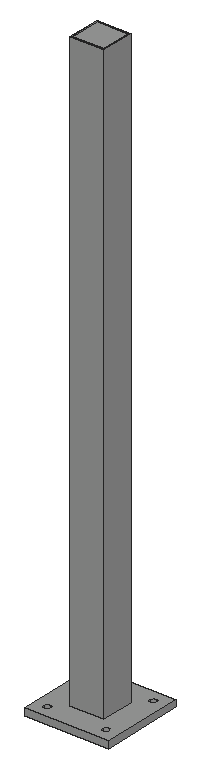
Revit family "Palmshield-Aria-Louver-Post", category Specialty Equipment, Revit 2025
Family settings
  Round Connector Dimension = Use Diameter
  Part Type = Normal
  OmniClass Number = 23.55.00.00
  OmniClass Title = Manufactured Structures
  Work Plane-Based = Yes
  Enable Cutting in Views = No
  Always vertical = No
  Cut with Voids When Loaded = No
  Maintain Annotation Orientation = No
  Shared = No
  Room Calculation Point = No
Parameters (values of type "Assembly")
  Warranty URL = "https://palmshieldlouvers.com/wp-content/uploads/2020/01/PalmSHIELD-Warranty-NO-SIGN-LINE.pdf"
  Version = "2021 - v1.0a"  # constant formula
  URL = "https://palmshieldlouvers.com/"
  Product Page URL = "https://palmshieldlouvers.com/products/aria-louver/"
  Product Documentation Link = "https://palmshieldlouvers.com/wp-content/uploads/2022/05/PalmSHIELD-Aria-Series-Post-Panel-Gate-Installation-Instructions.pdf"
  Post Position [instance] = 1
  Model = "Aria - Aluminum"  # constant formula
  Material = Metal - PalmSHIELD - Dusty Grey
  Manufacturer Phone Number = "531-329-4406 "  # constant formula
  Manufacturer Email = "mailto: info@palmshieldlouvers.com"
  Manufacturer Address = "12330 Cary Circle, La Vista, NE 68128"  # constant formula
  Manufacturer = "PalmSHIELD"  # constant formula
  Keynote = "05 10 00"
  Instruction Sheet Link = "https://palmshieldlouvers.com/wp-content/uploads/2020/01/PalmSHIELD-Post-Panel-Gate-Installation-Instructions-REV-1.pdf"
  ID [instance] = "Not Assigned"
  Height [instance] = if(Desired Overall Height < C Min Height, C Min Height, if(Desired Overall Height > C Max Height, C Max Height, Desired Overall Height))  # 6' - 0"
  Desired Overall Height [instance] = 6' - 0"
  Description = "Aria - Aluminum - Square Post"  # constant formula
  Default Elevation = 0' - 0"
  Copyright = "Copyright ©2024 The American Fence Company and PalmSHIELD. All Rights Reserved."  # constant formula
  Component Vis [instance] = yes
  Component Name [instance] = "Aria - Square Post"  # constant formula
  C Post Width = 0' - 4"  # constant formula
  C Min Height [instance] = 3' - 4"  # constant formula
  C Max Height [instance] = 8' - 0"  # constant formula
  Assembly Code = "F1020100"
Reference planes (in)
  plane 1 "Center (Front/Back)": y = 0
  plane 2: z = 0
  plane 3 "Center (Left/Right)": x = 0
  plane 4: z = 72
  plane 5: y = 2
  plane 6: y = -2
  plane 7: x = 2
  plane 8: x = -2
Lines and regions (in)
  reference lines
    curve 1: line (-24.29961, 0, 72) -> (24.70039, 0, 72)
Dimensions and locks (in)
  "Desired Overall Height": curve 1 to plane 2
  "Height": plane 4 to plane 2
  equal spacing: plane 8, plane 3 "Center (Left/Right)", plane 7
  equal spacing: plane 5, plane 1 "Center (Front/Back)", plane 6
  "C Post Width": plane 5 to plane 6
  "C Post Width": plane 8 to plane 7
  aligned and locked: plane 2 to level
Automatic sketch dimensions
  curve 1 to plane 8 = 1' - 10.29961"
  curve 1 to plane 7 = 1' - 10.70039"
Nested families (in)
  nested 1: "Screening-Louver-Assembly-Post-Palmshield-Aria" at (0, 0, 0), Desired Overall Height <- "Desired Overall Height", Overall Height <- "Height", ID <- "ID", Component Vis <- "Component Vis", Post Position <- "Post Position", visible <- "Component Vis", type "Assembly"
    with Post Position 1, Overall Height 6' - 0", ID "Not Assigned", Desired Overall Height 6' - 0", Component Vis (Single) yes, Component Vis (Double) no, Component Vis yes, Component Name "Aria - Post Assembly", C Post Offset 0' - 0"
  nested 2: "Nested-Base_Plate-Palmshield-Aria" at (0, 0, 0), type "10" x 10" x 3/4""
    with Material Metal - PalmSHIELD - Dusty Grey, ID "Not Assigned", Component Vis yes, Component Name "Aria Economy - Base Plate"
  nested 3: "Nested-Square_Post-Aluminum-Palmshield-Aria" at (0, 0, 0.75), type "4" X 4" X 1/8" SQ. TUBE"
    with Material Metal - PalmSHIELD - Dusty Grey, Length 5' - 11 1/4", ID "Not Assigned", Component Vis yes, Component Name "Aria Economy - Square Post"
  nested 4: "Nested-Top_Cap-Palmshield-Aria" at (0, 0, 72) x (1, 0, 0) z (0, 0, -1), type "3 3/4" x 3 3/4" x 1/8""
    with Material Metal - PalmSHIELD - Dusty Grey, ID "Not Assigned", Component Vis yes, Component Name "Aria Economy - Square Top Cap"
Definition of nested family "Nested-Base_Plate-Palmshield-Aria"
  Parameters (values of type "10" x 14" x 3/4"")
    Width = if(Constraints = 1, 0' 10", 1' 2")  # 1' - 2"
    Warranty URL = "https://palmshieldlouvers.com/wp-content/uploads/2020/01/PalmSHIELD-Warranty-NO-SIGN-LINE.pdf"
    Version = "2021 - v1.0a"  # constant formula
    URL = "https://palmshieldlouvers.com/"
    Thickness = 0' - 0 3/4"  # constant formula
    Product Page URL = "https://palmshieldlouvers.com/products/aria-louver/"
    Product Documentation Link = "https://palmshieldlouvers.com/wp-content/uploads/2022/05/PalmSHIELD-Aria-Series-Post-Panel-Gate-Installation-Instructions.pdf"
    Model = "Aria Economy"  # constant formula
    Material [instance] = none
    Manufacturer Phone Number = "531-329-4406 "  # constant formula
    Manufacturer Fax Number = "Consult Manufacturer Website for More Information"  # constant formula
    Manufacturer Email = "mailto: info@palmshieldlouvers.com"
    Manufacturer Address = "12330 Cary Circle, La Vista, NE 68128"  # constant formula
    Manufacturer = "PalmSHIELD"  # constant formula
    Keynote = "05 10 00"
    Instruction Sheet Link = "https://palmshieldlouvers.com/wp-content/uploads/2022/05/PalmSHIELD-Aria-Series-Post-Panel-Gate-Installation-Instructions.pdf"
    ID [instance] = ""
    Hole Diameter = 0' - 0 3/4"  # constant formula
    Height = 0' - 10"  # constant formula
    Description = "Aria Economy- Base Plate"  # constant formula
    Default Elevation = 4' - 0"
    Copyright = "Copyright ©2024 The American Fence Company and PalmSHIELD. All Rights Reserved."  # constant formula
    Constraints = 2
    Component Vis [instance] = yes
    Component Name [instance] = "Aria Economy - Base Plate"  # constant formula
    C Hole Offset = 0' - 1 1/2"  # constant formula
    Assembly Code = "F1020100"
  Types (2): name | Width | Product Page URL | Product Documentation Link | Instruction Sheet Link | Constraints
    10" x 10" x 3/4" | 0' - 10" | "Contact Manufacturer for More Information" | "Contact Manufacturer for More Information" | "Contact Manufacturer for More Information" | 1
    10" x 14" x 3/4" | 1' - 2" | "https://palmshieldlouvers.com/products/aria-louver/" | "https://palmshieldlouvers.com/wp-content/uploads/2022/05/PalmSHIELD-Aria-Series-Post-Panel-Gate-Installation-Instructions.pdf" | "https://palmshieldlouvers.com/wp-content/uploads/2022/05/PalmSHIELD-Aria-Series-Post-Panel-Gate-Installation-Instructions.pdf" | 2
  Reference planes (in)
    plane 1 "Center (Front/Back)": y = 0
    plane 2: z = 0
    plane 3 "Center (Left/Right)": x = 0
    plane 4: y = 5
    plane 5: x = 7
    plane 6: y = -5
    plane 7: x = -7
    plane 8: z = 0.75
  Forms (in)
    Extrusion 1, solid
      sketch origin (0, 0, 0) x (1, 0, 0) y (0, 1, 0)
        loop
          line (-48, 48) -> (-48, -48) -> (48, -48) -> (48, 48) -> (-48, 48)
      from 0 to -12
    Extrusion 2, solid, material <- "Material", visible <- "Component Vis"
      sketch origin (0, 0, 0) x (1, 0, 0) y (0, 1, 0)
        loop
          line (-7, 5) -> (-7, -5) -> (7, -5) -> (7, 5) -> (-7, 5)
        loop
          circle (-5.5, 3.5) r 0.375
        loop
          circle (5.5, 3.5) r 0.375
        loop
          circle (-5.5, -3.5) r 0.375
        loop
          circle (5.5, -3.5) r 0.375
      from 0 to 0.75
  Dimensions and locks (in)
    equal spacing: plane 7, plane 3 "Center (Left/Right)", plane 5
    equal spacing: plane 4, plane 1 "Center (Front/Back)", plane 6
    "Width": plane 7 to plane 5
    "Height": plane 4 to plane 6
    "C Hole Offset": plane 7 to Extrusion 2 sketch curve  (x2)
    "C Hole Offset": Extrusion 2 sketch curve to plane 5  (x2)
    "C Hole Offset": plane 4 to Extrusion 2 sketch curve  (x2)
    "C Hole Offset": plane 6 to Extrusion 2 sketch curve  (x2)
    "Thickness": plane 8 to plane 2
    "Width": Extrusion 2 to Extrusion 2
    "Hole Diameter": diameter of Extrusion 2 sketch curve  (x4)
    aligned and locked: plane 2 to Extrusion 1
    aligned and locked: level to Extrusion 1
    aligned and locked: Extrusion 2 sketch curve to plane 4
    aligned and locked: plane 7 to Extrusion 2 sketch curve
    aligned and locked: Extrusion 2 sketch curve to plane 6
    aligned and locked: Extrusion 2 sketch curve to plane 5
    aligned and locked: plane 8 to Extrusion 2
  Automatic sketch dimensions
    Extrusion 1 sketch curve to Extrusion 1 sketch curve = 8' - 0"  (x2)
Definition of nested family "Nested-Square_Post-Aluminum-Palmshield-Aria"
  Parameters (values of type "4" X 4" X 1/8" SQ. TUBE")
    Width = 0' - 4"  # constant formula
    Warranty URL = "https://palmshieldlouvers.com/wp-content/uploads/2020/01/PalmSHIELD-Warranty-NO-SIGN-LINE.pdf"
    Version = "2021 - v1.0a"  # constant formula
    URL = "https://palmshieldlouvers.com/"
    Thickness = 0' - 0 1/8"  # constant formula
    Product Page URL = "https://palmshieldlouvers.com/products/aria-louver/"
    Product Documentation Link = "https://palmshieldlouvers.com/wp-content/uploads/2022/05/PalmSHIELD-Aria-Series-Post-Panel-Gate-Installation-Instructions.pdf"
    Model = "Aria Economy"  # constant formula
    Material [instance] = none
    Manufacturer Phone Number = "531-329-4406 "  # constant formula
    Manufacturer Fax Number = "Consult Manufacturer Website for More Information"  # constant formula
    Manufacturer Email = "mailto: info@palmshieldlouvers.com"
    Manufacturer Address = "12330 Cary Circle, La Vista, NE 68128"  # constant formula
    Manufacturer = "PalmSHIELD"  # constant formula
    Length [instance] = 4' - 4.86713"
    Keynote = "05 10 00"
    Instruction Sheet Link = "https://palmshieldlouvers.com/wp-content/uploads/2022/05/PalmSHIELD-Aria-Series-Post-Panel-Gate-Installation-Instructions.pdf"
    ID [instance] = ""
    Description = "Aria Economy - Post"  # constant formula
    Default Elevation = 4' - 0"
    Copyright = "Copyright ©2024 The American Fence Company and PalmSHIELD. All Rights Reserved."  # constant formula
    Component Vis [instance] = yes
    Component Name [instance] = "Aria Economy - Square Post"  # constant formula
    Assembly Code = "F1020100"
  Reference planes (in)
    plane 1 "Center (Front/Back)": y = 0
    plane 2: z = 0
    plane 3 "Center (Left/Right)": x = 0
    plane 4: z = 52.86713
    plane 5: x = 2
    plane 6: x = -2
  Forms (in)
    Extrusion 1, solid
      sketch origin (0, 0, 0) x (1, 0, 0) y (0, 1, 0)
        loop
          line (-48, 48) -> (-48, -48) -> (48, -48) -> (48, 48) -> (-48, 48)
      from 0 to -12
    Sweep 2, solid, material <- "Material", visible <- "Component Vis"
      path origin (0, 0, 0) x (0, 1, 0) y (0, 0, 1)
        loop
          line (0, 0) -> (0, 52.86713)
      profile "Profile-Palmshield-Square : 4" X 4" X 1/8" SQ. TUBE" origin (0, 0, 26.43357) x (0, -1, 0) y (1, 0, 0)
        loop
          line (1.875, 1.875) -> (-1.875, 1.875) -> (-1.875, -1.875) -> (1.875, -1.875) -> (1.875, 1.875)
        loop
          line (-2, -2) -> (2, -2) -> (2, 2) -> (-2, 2) -> (-2, -2)
  Dimensions and locks (in)
    "Length": plane 4 to plane 2
    equal spacing: plane 5, plane 3 "Center (Left/Right)", plane 6
    "Width": plane 5 to plane 6
    aligned and locked: plane 2 to Extrusion 1
    aligned and locked: level to Extrusion 1
    aligned and locked: plane 1 "Center (Front/Back)" to Sweep 2 sketch curve
    aligned and locked: plane 4 to Sweep 2 sketch curve
  Automatic sketch dimensions
    Extrusion 1 sketch curve to Extrusion 1 sketch curve = 8' - 0"  (x2)
    Sweep 2 sketch curve to level = 0' - 0"
Definition of nested family "Nested-Top_Cap-Palmshield-Aria"
  Parameters (values of type "3 3/4" x 3 3/4" x 1/8"")
    Width = 0' 4" - 2 * Thickness  # 0' - 3 3/4"
    Warranty URL = "https://palmshieldlouvers.com/wp-content/uploads/2020/01/PalmSHIELD-Warranty-NO-SIGN-LINE.pdf"
    Version = "2020 - v1.0a"  # constant formula
    URL = "https://palmshieldlouvers.com/"
    Thickness = 0' - 0 1/8"  # constant formula
    Product Page URL = "https://palmshieldlouvers.com/products/aria-louver/"
    Product Documentation Link = "https://palmshieldlouvers.com/wp-content/uploads/2022/05/PalmSHIELD-Aria-Series-Post-Panel-Gate-Installation-Instructions.pdf"
    Model = "Aria Economy"  # constant formula
    Material [instance] = none
    Manufacturer Phone Number = "531-329-4406 "  # constant formula
    Manufacturer Fax Number = "Consult Manufacturer Website for More Information"  # constant formula
    Manufacturer Email = "mailto: info@palmshieldlouvers.com"
    Manufacturer Address = "12330 Cary Circle, La Vista, NE 68128"  # constant formula
    Manufacturer = "PalmSHIELD"  # constant formula
    Keynote = "05 10 00"
    Instruction Sheet Link = "https://palmshieldlouvers.com/wp-content/uploads/2022/05/PalmSHIELD-Aria-Series-Post-Panel-Gate-Installation-Instructions.pdf"
    ID [instance] = ""
    Description = "Aria Economy - Top Cap"  # constant formula
    Default Elevation = 4' - 0"
    Copyright = "Copyright ©2024 The American Fence Company and PalmSHIELD. All Rights Reserved."  # constant formula
    Component Vis [instance] = yes
    Component Name [instance] = "Aria Economy - Square Top Cap"  # constant formula
    Assembly Code = "F1020100"
  Reference planes (in)
    plane 1 "Center (Front/Back)": y = 0
    plane 2: z = 0
    plane 3 "Center (Left/Right)": x = 0
    plane 4: y = 1.875
    plane 5: x = 1.875
    plane 6: y = -1.875
    plane 7: x = -1.875
    plane 8: z = 0.125
  Forms (in)
    Extrusion 1, solid
      sketch origin (0, 0, 0) x (1, 0, 0) y (0, 1, 0)
        loop
          line (-48, 48) -> (-48, -48) -> (48, -48) -> (48, 48) -> (-48, 48)
      from 0 to -12
    Extrusion 2, solid, material <- "Material", visible <- "Component Vis"
      sketch origin (0, 0, 0) x (1, 0, 0) y (0, 1, 0)
        loop
          line (-1.875, 1.875) -> (-1.875, -1.875) -> (1.875, -1.875) -> (1.875, 1.875) -> (-1.875, 1.875)
      from 0 to 0.125
  Dimensions and locks (in)
    equal spacing: plane 7, plane 3 "Center (Left/Right)", plane 5
    equal spacing: plane 4, plane 1 "Center (Front/Back)", plane 6
    "Width": plane 7 to plane 5
    "Width": plane 4 to plane 6
    "Thickness": plane 8 to plane 2
    aligned and locked: plane 2 to Extrusion 1
    aligned and locked: level to Extrusion 1
    aligned and locked: Extrusion 2 sketch curve to plane 4
    aligned and locked: plane 7 to Extrusion 2 sketch curve
    aligned and locked: Extrusion 2 sketch curve to plane 6
    aligned and locked: Extrusion 2 sketch curve to plane 5
    aligned and locked: plane 8 to Extrusion 2
  Automatic sketch dimensions
    Extrusion 1 sketch curve to Extrusion 1 sketch curve = 8' - 0"  (x2)
Definition of nested family "Screening-Louver-Assembly-Post-Palmshield-Aria"
  Parameters (values of type "Assembly")
    Width = 0' - 4"  # constant formula
    Warranty URL = "https://palmshieldlouvers.com/wp-content/uploads/2020/01/PalmSHIELD-Warranty-NO-SIGN-LINE.pdf"
    Version = "2020 - v1.0a"  # constant formula
    URL = "https://palmshieldlouvers.com/"
    Top Cap Thickness = 0' - 0 1/8"  # constant formula
    Product Page URL = "https://palmshieldlouvers.com/products/aria-louver/"
    Product Documentation Link = "https://palmshieldlouvers.com/wp-content/uploads/2022/05/PalmSHIELD-Aria-Series-Post-Panel-Gate-Installation-Instructions.pdf"
    Post Position [instance] = 3
    Overall Height [instance] = if(Desired Overall Height < 3' 0", 3' 0", if(Desired Overall Height > 8' 0", 8' 0", Desired Overall Height))  # 6' - 0"
    Model = "Aria"  # constant formula
    Material = none
    Manufacturer Phone Number = "531-329-4406 "  # constant formula
    Manufacturer Fax Number = "Consult Manufacturer Website for More Information"  # constant formula
    Manufacturer Email = "mailto: info@palmshieldlouvers.com"
    Manufacturer Address = "12330 Cary Circle, La Vista, NE 68128"  # constant formula
    Manufacturer = "PalmSHIELD"  # constant formula
    Keynote = "05 10 00"
    Instruction Sheet Link = "https://palmshieldlouvers.com/wp-content/uploads/2022/05/PalmSHIELD-Aria-Series-Post-Panel-Gate-Installation-Instructions.pdf"
    ID [instance] = "Not Assigned"
    Desired Overall Height [instance] = 6' - 0"
    Description = "Aria - Post Assembly"  # constant formula
    Default Elevation = 4' - 0"
    Copyright = "Copyright ©2024 The American Fence Company and PalmSHIELD. All Rights Reserved."  # constant formula
    Component Vis (Single) [instance] = and(Component Vis, or(Post Position = 1, Post Position = 3))  # yes
    Component Vis (Double) [instance] = and(Component Vis, Post Position = 2)  # no
    Component Vis [instance] = yes
    Component Name [instance] = "Aria - Post Assembly"  # constant formula
    C Post Offset [instance] = if(Post Position = 3, 0' 2 1/2", 0' 0")  # 0' - 2 1/2"
    C Panel Offset from Ground = 0' - 2"  # constant formula
    Base Plate Thickness = 0' - 0 3/4"  # constant formula
    Assembly Code = "F1020100"
  Reference planes (in)
    plane 1 "Center (Front/Back)": y = 0
    plane 2: z = 0
    plane 3 "Center (Left/Right)": x = 0
    plane 4: x = 2
    plane 5: x = -2
    plane 6: z = 72
    plane 7: z = 2
  Forms (in)
    Extrusion 1, solid
      sketch origin (0, 0, 0) x (1, 0, 0) y (0, 1, 0)
        loop
          line (-48, 48) -> (-48, -48) -> (48, -48) -> (48, 48) -> (-48, 48)
      from 0 to -12
  Lines and regions (in)
    reference lines
      curve 1: line (-64.16684, 0, 72) -> (79.83316, 0, 72)
  Dimensions and locks (in)
    equal spacing: plane 4, plane 3 "Center (Left/Right)", plane 5
    "Width": plane 4 to plane 5
    "C Panel Offset from Ground": plane 7 to plane 2
    "C Post Offset": plane 3 "Center (Left/Right)" to nested 2
    "C Post Offset": plane 3 "Center (Left/Right)" to nested 3
    "Desired Overall Height": curve 1 to plane 2
    "Overall Height": plane 6 to plane 2
    aligned and locked: plane 2 to Extrusion 1
    aligned and locked: level to Extrusion 1
    aligned and locked: plane 1 "Center (Front/Back)" to nested 1
    aligned and locked: plane 1 "Center (Front/Back)" to nested 3
    aligned and locked: plane 6 to nested 2
    aligned and locked: plane 1 "Center (Front/Back)" to nested 4
    aligned and locked: plane 6 to nested 5
    aligned and locked: plane 6 to nested 6
    aligned and locked: plane 3 "Center (Left/Right)" to nested 5
    aligned and locked: nested 6 to plane 3 "Center (Left/Right)"
    aligned and locked: nested 7 to nested 5
    aligned and locked: plane 4 to nested 8
    aligned and locked: plane 3 "Center (Left/Right)" to nested 4
    aligned and locked: plane 3 "Center (Left/Right)" to nested 1
  Automatic sketch dimensions
    Extrusion 1 sketch curve to Extrusion 1 sketch curve = 8' - 0"  (x2)
    curve 1 to plane 5 = 5' - 2.16684"
    plane 4 to curve 1 = 6' - 5.83316"
  Nested families (in)
    nested 1: "Nested-Base_Plate-Palmshield-Aria" at (0, 0, 0), ID <- "ID", Material <- "Material", visible <- "Component Vis (Single)", Component Vis <- "Component Vis (Single)", type "10" x 10" x 3/4""
      with Material none, ID "Not Assigned", Component Vis yes, Component Name "Aria Economy - Base Plate"
    nested 2: "Nested-Square_Post-Aluminum-Palmshield-Aria" at (2.5, 0, 0.75), ID <- "ID", Material <- "Material", visible <- "Component Vis (Single)", Component Vis <- "Component Vis (Single)", type "4" X 4" X 1/8" SQ. TUBE"
      with Material none, Length 5' - 11 1/4", ID "Not Assigned", Component Vis yes, Component Name "Aria Economy - Square Post"
    nested 3: "Nested-Top_Cap-Palmshield-Aria" at (2.5, 0, 72) x (1, 0, 0) z (0, 0, -1), ID <- "ID", Material <- "Material", visible <- "Component Vis (Single)", Component Vis <- "Component Vis (Single)", type "3 3/4" x 3 3/4" x 1/8""
      with Material none, ID "Not Assigned", Component Vis yes, Component Name "Aria Economy - Square Top Cap"
    nested 4: "Nested-Base_Plate-Palmshield-Aria" at (0, 0, 0), ID <- "ID", Material <- "Material", visible <- "Component Vis (Double)", Component Vis <- "Component Vis (Double)", type "10" x 14" x 3/4""
      with Material none, ID "Not Assigned", Component Vis no, Component Name "Aria Economy - Base Plate"
    nested 5: "Nested-Square_Post-Aluminum-Palmshield-Aria" at (-2, 0, 0.75), ID <- "ID", Material <- "Material", visible <- "Component Vis (Double)", Component Vis <- "Component Vis (Double)", type "4" X 4" X 1/8" SQ. TUBE"
      with Material none, Length 5' - 11 1/4", ID "Not Assigned", Component Vis no, Component Name "Aria Economy - Square Post"
    nested 6: "Nested-Square_Post-Aluminum-Palmshield-Aria" at (2, 0, 0.75), ID <- "ID", Material <- "Material", visible <- "Component Vis (Double)", Component Vis <- "Component Vis (Double)", type "4" X 4" X 1/8" SQ. TUBE"
      with Material none, Length 5' - 11 1/4", ID "Not Assigned", Component Vis no, Component Name "Aria Economy - Square Post"
    nested 7: "Nested-Top_Cap-Palmshield-Aria" at (-2, 0, 72) x (1, 0, 0) z (0, 0, -1), ID <- "ID", Material <- "Material", visible <- "Component Vis (Double)", Component Vis <- "Component Vis (Double)", type "3 3/4" x 3 3/4" x 1/8""
      with Material none, ID "Not Assigned", Component Vis no, Component Name "Aria Economy - Square Top Cap"
    nested 8: "Nested-Top_Cap-Palmshield-Aria" at (2, 0, 72) x (1, 0, 0) z (0, 0, -1), ID <- "ID", Material <- "Material", visible <- "Component Vis (Double)", Component Vis <- "Component Vis (Double)", type "3 3/4" x 3 3/4" x 1/8""
      with Material none, ID "Not Assigned", Component Vis no, Component Name "Aria Economy - Square Top Cap"
  Definition of nested family "Nested-Base_Plate-Palmshield-Aria"
    Parameters (values of type "10" x 14" x 3/4"")
      Width = if(Constraints = 1, 0' 10", 1' 2")  # 1' - 2"
      Warranty URL = "https://palmshieldlouvers.com/wp-content/uploads/2020/01/PalmSHIELD-Warranty-NO-SIGN-LINE.pdf"
      Version = "2021 - v1.0a"  # constant formula
      URL = "https://palmshieldlouvers.com/"
      Thickness = 0' - 0 3/4"  # constant formula
      Product Page URL = "https://palmshieldlouvers.com/products/aria-louver/"
      Product Documentation Link = "https://palmshieldlouvers.com/wp-content/uploads/2022/05/PalmSHIELD-Aria-Series-Post-Panel-Gate-Installation-Instructions.pdf"
      Model = "Aria Economy"  # constant formula
      Material [instance] = none
      Manufacturer Phone Number = "531-329-4406 "  # constant formula
      Manufacturer Fax Number = "Consult Manufacturer Website for More Information"  # constant formula
      Manufacturer Email = "mailto: info@palmshieldlouvers.com"
      Manufacturer Address = "12330 Cary Circle, La Vista, NE 68128"  # constant formula
      Manufacturer = "PalmSHIELD"  # constant formula
      Keynote = "05 10 00"
      Instruction Sheet Link = "https://palmshieldlouvers.com/wp-content/uploads/2022/05/PalmSHIELD-Aria-Series-Post-Panel-Gate-Installation-Instructions.pdf"
      ID [instance] = ""
      Hole Diameter = 0' - 0 3/4"  # constant formula
      Height = 0' - 10"  # constant formula
      Description = "Aria Economy- Base Plate"  # constant formula
      Default Elevation = 4' - 0"
      Copyright = "Copyright ©2024 The American Fence Company and PalmSHIELD. All Rights Reserved."  # constant formula
      Constraints = 2
      Component Vis [instance] = yes
      Component Name [instance] = "Aria Economy - Base Plate"  # constant formula
      C Hole Offset = 0' - 1 1/2"  # constant formula
      Assembly Code = "F1020100"
    Types (2): name | Width | Product Page URL | Product Documentation Link | Instruction Sheet Link | Constraints
      10" x 10" x 3/4" | 0' - 10" | "Contact Manufacturer for More Information" | "Contact Manufacturer for More Information" | "Contact Manufacturer for More Information" | 1
      10" x 14" x 3/4" | 1' - 2" | "https://palmshieldlouvers.com/products/aria-louver/" | "https://palmshieldlouvers.com/wp-content/uploads/2022/05/PalmSHIELD-Aria-Series-Post-Panel-Gate-Installation-Instructions.pdf" | "https://palmshieldlouvers.com/wp-content/uploads/2022/05/PalmSHIELD-Aria-Series-Post-Panel-Gate-Installation-Instructions.pdf" | 2
    Reference planes (in)
      plane 1 "Center (Front/Back)": y = 0
      plane 2: z = 0
      plane 3 "Center (Left/Right)": x = 0
      plane 4: y = 5
      plane 5: x = 7
      plane 6: y = -5
      plane 7: x = -7
      plane 8: z = 0.75
    Forms (in)
      Extrusion 1, solid
        sketch origin (0, 0, 0) x (1, 0, 0) y (0, 1, 0)
          loop
            line (-48, 48) -> (-48, -48) -> (48, -48) -> (48, 48) -> (-48, 48)
        from 0 to -12
      Extrusion 2, solid, material <- "Material", visible <- "Component Vis"
        sketch origin (0, 0, 0) x (1, 0, 0) y (0, 1, 0)
          loop
            line (-7, 5) -> (-7, -5) -> (7, -5) -> (7, 5) -> (-7, 5)
          loop
            circle (-5.5, 3.5) r 0.375
          loop
            circle (5.5, 3.5) r 0.375
          loop
            circle (-5.5, -3.5) r 0.375
          loop
            circle (5.5, -3.5) r 0.375
        from 0 to 0.75
    Dimensions and locks (in)
      equal spacing: plane 7, plane 3 "Center (Left/Right)", plane 5
      equal spacing: plane 4, plane 1 "Center (Front/Back)", plane 6
      "Width": plane 7 to plane 5
      "Height": plane 4 to plane 6
      "C Hole Offset": plane 7 to Extrusion 2 sketch curve  (x2)
      "C Hole Offset": Extrusion 2 sketch curve to plane 5  (x2)
      "C Hole Offset": plane 4 to Extrusion 2 sketch curve  (x2)
      "C Hole Offset": plane 6 to Extrusion 2 sketch curve  (x2)
      "Thickness": plane 8 to plane 2
      "Width": Extrusion 2 to Extrusion 2
      "Hole Diameter": diameter of Extrusion 2 sketch curve  (x4)
      aligned and locked: plane 2 to Extrusion 1
      aligned and locked: level to Extrusion 1
      aligned and locked: Extrusion 2 sketch curve to plane 4
      aligned and locked: plane 7 to Extrusion 2 sketch curve
      aligned and locked: Extrusion 2 sketch curve to plane 6
      aligned and locked: Extrusion 2 sketch curve to plane 5
      aligned and locked: plane 8 to Extrusion 2
    Automatic sketch dimensions
      Extrusion 1 sketch curve to Extrusion 1 sketch curve = 8' - 0"  (x2)
  Definition of nested family "Nested-Square_Post-Aluminum-Palmshield-Aria"
    Parameters (values of type "4" X 4" X 1/8" SQ. TUBE")
      Width = 0' - 4"  # constant formula
      Warranty URL = "https://palmshieldlouvers.com/wp-content/uploads/2020/01/PalmSHIELD-Warranty-NO-SIGN-LINE.pdf"
      Version = "2021 - v1.0a"  # constant formula
      URL = "https://palmshieldlouvers.com/"
      Thickness = 0' - 0 1/8"  # constant formula
      Product Page URL = "https://palmshieldlouvers.com/products/aria-louver/"
      Product Documentation Link = "https://palmshieldlouvers.com/wp-content/uploads/2022/05/PalmSHIELD-Aria-Series-Post-Panel-Gate-Installation-Instructions.pdf"
      Model = "Aria Economy"  # constant formula
      Material [instance] = none
      Manufacturer Phone Number = "531-329-4406 "  # constant formula
      Manufacturer Fax Number = "Consult Manufacturer Website for More Information"  # constant formula
      Manufacturer Email = "mailto: info@palmshieldlouvers.com"
      Manufacturer Address = "12330 Cary Circle, La Vista, NE 68128"  # constant formula
      Manufacturer = "PalmSHIELD"  # constant formula
      Length [instance] = 4' - 4.86713"
      Keynote = "05 10 00"
      Instruction Sheet Link = "https://palmshieldlouvers.com/wp-content/uploads/2022/05/PalmSHIELD-Aria-Series-Post-Panel-Gate-Installation-Instructions.pdf"
      ID [instance] = ""
      Description = "Aria Economy - Post"  # constant formula
      Default Elevation = 4' - 0"
      Copyright = "Copyright ©2024 The American Fence Company and PalmSHIELD. All Rights Reserved."  # constant formula
      Component Vis [instance] = yes
      Component Name [instance] = "Aria Economy - Square Post"  # constant formula
      Assembly Code = "F1020100"
    Reference planes (in)
      plane 1 "Center (Front/Back)": y = 0
      plane 2: z = 0
      plane 3 "Center (Left/Right)": x = 0
      plane 4: z = 52.86713
      plane 5: x = 2
      plane 6: x = -2
    Forms (in)
      Extrusion 1, solid
        sketch origin (0, 0, 0) x (1, 0, 0) y (0, 1, 0)
          loop
            line (-48, 48) -> (-48, -48) -> (48, -48) -> (48, 48) -> (-48, 48)
        from 0 to -12
      Sweep 2, solid, material <- "Material", visible <- "Component Vis"
        path origin (0, 0, 0) x (0, 1, 0) y (0, 0, 1)
          loop
            line (0, 0) -> (0, 52.86713)
        profile "Profile-Palmshield-Square : 4" X 4" X 1/8" SQ. TUBE" origin (0, 0, 26.43357) x (0, -1, 0) y (1, 0, 0)
          loop
            line (1.875, 1.875) -> (-1.875, 1.875) -> (-1.875, -1.875) -> (1.875, -1.875) -> (1.875, 1.875)
          loop
            line (-2, -2) -> (2, -2) -> (2, 2) -> (-2, 2) -> (-2, -2)
    Dimensions and locks (in)
      "Length": plane 4 to plane 2
      equal spacing: plane 5, plane 3 "Center (Left/Right)", plane 6
      "Width": plane 5 to plane 6
      aligned and locked: plane 2 to Extrusion 1
      aligned and locked: level to Extrusion 1
      aligned and locked: plane 1 "Center (Front/Back)" to Sweep 2 sketch curve
      aligned and locked: plane 4 to Sweep 2 sketch curve
    Automatic sketch dimensions
      Extrusion 1 sketch curve to Extrusion 1 sketch curve = 8' - 0"  (x2)
      Sweep 2 sketch curve to level = 0' - 0"
  Definition of nested family "Nested-Top_Cap-Palmshield-Aria"
    Parameters (values of type "3 3/4" x 3 3/4" x 1/8"")
      Width = 0' 4" - 2 * Thickness  # 0' - 3 3/4"
      Warranty URL = "https://palmshieldlouvers.com/wp-content/uploads/2020/01/PalmSHIELD-Warranty-NO-SIGN-LINE.pdf"
      Version = "2020 - v1.0a"  # constant formula
      URL = "https://palmshieldlouvers.com/"
      Thickness = 0' - 0 1/8"  # constant formula
      Product Page URL = "https://palmshieldlouvers.com/products/aria-louver/"
      Product Documentation Link = "https://palmshieldlouvers.com/wp-content/uploads/2022/05/PalmSHIELD-Aria-Series-Post-Panel-Gate-Installation-Instructions.pdf"
      Model = "Aria Economy"  # constant formula
      Material [instance] = none
      Manufacturer Phone Number = "531-329-4406 "  # constant formula
      Manufacturer Fax Number = "Consult Manufacturer Website for More Information"  # constant formula
      Manufacturer Email = "mailto: info@palmshieldlouvers.com"
      Manufacturer Address = "12330 Cary Circle, La Vista, NE 68128"  # constant formula
      Manufacturer = "PalmSHIELD"  # constant formula
      Keynote = "05 10 00"
      Instruction Sheet Link = "https://palmshieldlouvers.com/wp-content/uploads/2022/05/PalmSHIELD-Aria-Series-Post-Panel-Gate-Installation-Instructions.pdf"
      ID [instance] = ""
      Description = "Aria Economy - Top Cap"  # constant formula
      Default Elevation = 4' - 0"
      Copyright = "Copyright ©2024 The American Fence Company and PalmSHIELD. All Rights Reserved."  # constant formula
      Component Vis [instance] = yes
      Component Name [instance] = "Aria Economy - Square Top Cap"  # constant formula
      Assembly Code = "F1020100"
    Reference planes (in)
      plane 1 "Center (Front/Back)": y = 0
      plane 2: z = 0
      plane 3 "Center (Left/Right)": x = 0
      plane 4: y = 1.875
      plane 5: x = 1.875
      plane 6: y = -1.875
      plane 7: x = -1.875
      plane 8: z = 0.125
    Forms (in)
      Extrusion 1, solid
        sketch origin (0, 0, 0) x (1, 0, 0) y (0, 1, 0)
          loop
            line (-48, 48) -> (-48, -48) -> (48, -48) -> (48, 48) -> (-48, 48)
        from 0 to -12
      Extrusion 2, solid, material <- "Material", visible <- "Component Vis"
        sketch origin (0, 0, 0) x (1, 0, 0) y (0, 1, 0)
          loop
            line (-1.875, 1.875) -> (-1.875, -1.875) -> (1.875, -1.875) -> (1.875, 1.875) -> (-1.875, 1.875)
        from 0 to 0.125
    Dimensions and locks (in)
      equal spacing: plane 7, plane 3 "Center (Left/Right)", plane 5
      equal spacing: plane 4, plane 1 "Center (Front/Back)", plane 6
      "Width": plane 7 to plane 5
      "Width": plane 4 to plane 6
      "Thickness": plane 8 to plane 2
      aligned and locked: plane 2 to Extrusion 1
      aligned and locked: level to Extrusion 1
      aligned and locked: Extrusion 2 sketch curve to plane 4
      aligned and locked: plane 7 to Extrusion 2 sketch curve
      aligned and locked: Extrusion 2 sketch curve to plane 6
      aligned and locked: Extrusion 2 sketch curve to plane 5
      aligned and locked: plane 8 to Extrusion 2
    Automatic sketch dimensions
      Extrusion 1 sketch curve to Extrusion 1 sketch curve = 8' - 0"  (x2)
